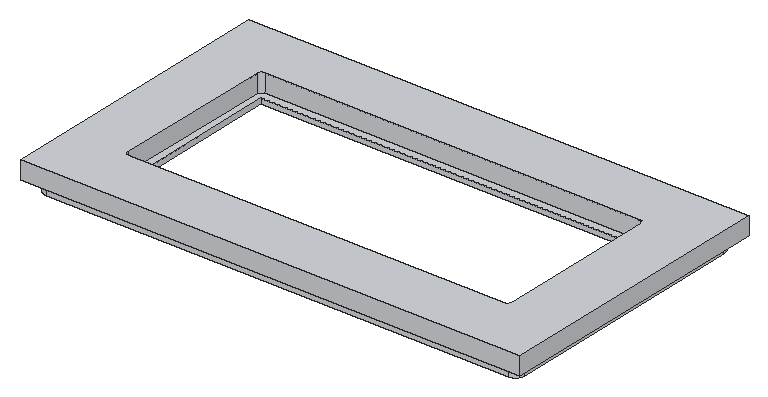
Revit family "Gira_100212", category Electrical Fixtures, host Face, Revit 2017
Family settings
  Host = Face
  Maintain Annotation Orientation = No
  Round Connector Dimension = Use Diameter
  Part Type = Normal
  Cut with Voids When Loaded = No
  Shared = No
  Room Calculation Point = No
Parameters (values of type "Abdeckrahmen 2f o.M. Gira Esprit G Weiß")
  Werkstoffgüte = "Echtglas"
  Werkstoff = "Glas"
  URL = "http://katalog.gira.de/de_DE/datenblatt.html?artikelnr=100212"
  Transparent = "No"
  Textfeld/Beschriftungsfläche = "No"
  Schutzart (IP) = "IP20"
  Region = "DE"
  Oberfläche = "sonstige"
  Name = "Abdeckrahmen 2f o.M. Gira Esprit G Weiß"
  Montagerichtung = "horizontal und vertikal"
  Mit Montagerahmen = "No"
  Mit Klappdeckel = "No"
  Manufacturer URL = "https://www.gira.de/"
  Keynote = "Espr._Rahmen_2fach o.Mittelsteg"
  HeinzeBIM = "https://bimportal.heinze.de/bim/abdeckrahmen-2f-o-m-gira-esprit-g-weiss/a6210be3be45f0b31ca09cf8b8e705361b8ed984"
  Halogenfrei = "No"
  HAN = "100212"
  Geeignet für Unterputz-Installation = "Yes"
  Geeignet für Unterflurkanaldose = "No"
  Geeignet für Geräteeinbaukanal = "No"
  Geeignet für Einbauinstallation = "No"
  GTIN = "4010337010463"
  Farbe = "weiß"
  Default Elevation = 1219.2 mm
  Data sheet (1) = "https://katalog.gira.de/de_DE/download.html?artikelnr=100212"
  Category = "Abdeckrahmen"
  Befestigungsart = "Klemmbefestigung"
  Available = "Yes"
  Anzahl der Einheiten vertikal = "2 "
  Anzahl der Einheiten horizontal = "2 "
  Anzahl der Einheiten = "2 "
Reference planes
  plane 1 "Center (Front/Back)": y = 0
  plane 2: z = 0
  plane 3 "Center (Left/Right)": x = 0
Forms (mm)
  Extrusion 1, solid, detail levels fine
    sketch origin (0, 0, 0) x (1, 0, 0) y (0, 1, 0)
      loop
        line (-83, 47.5) -> (-83, -47.5) -> (83, -47.5) -> (83, 47.5) -> (-83, 47.5)
      loop
        arc (-63.75, -26.7) -> (-63.311, -27.761) -> (-62.25, -28.2) r 1.5
        line (-62.25, -28.2) -> (62.25, -28.2)
        arc (62.25, -28.2) -> (63.311, -27.761) -> (63.75, -26.7) r 1.5
        line (63.75, -26.7) -> (63.75, 26.7)
        arc (63.75, 26.7) -> (63.311, 27.761) -> (62.25, 28.2) r 1.5
        line (62.25, 28.2) -> (-62.25, 28.2)
        arc (-62.25, 28.2) -> (-63.311, 27.761) -> (-63.75, 26.7) r 1.5
        line (-63.75, 26.7) -> (-63.75, -26.7)
    from 0 to 6
  Extrusion 2, solid, detail levels fine
    sketch origin (0, 0, 0) x (1, 0, 0) y (0, 1, 0)
      loop
        line (-61.518, -25.7) -> (61.45, -25.7) -> (61.45, 25.7) -> (-61.518, 25.7) -> (-61.518, -25.7)
      loop
        arc (-78.55, -41.3) -> (-78.023, -42.573) -> (-76.75, -43.1) r 1.8
        line (-76.75, -43.1) -> (77.95, -43.1)
        arc (77.95, -43.1) -> (79.223, -42.573) -> (79.75, -41.3) r 1.8
        line (79.75, -41.3) -> (79.75, 41.3)
        arc (79.75, 41.3) -> (79.223, 42.573) -> (77.95, 43.1) r 1.8
        line (77.95, 43.1) -> (-76.75, 43.1)
        arc (-76.75, 43.1) -> (-78.023, 42.573) -> (-78.55, 41.3) r 1.8
        line (-78.55, 41.3) -> (-78.55, -41.3)
    from -1.9 to 0
  Extrusion 3, solid, detail levels fine
    sketch origin (0, 0, 0) x (1, 0, 0) y (0, 1, 0)
      loop
        arc (-76.75, 44.4) -> (-78.871, 43.521) -> (-79.75, 41.4) r 3
        line (-79.75, 41.4) -> (-79.75, -41.4)
        arc (-79.75, -41.4) -> (-78.871, -43.521) -> (-76.75, -44.4) r 3
        line (-76.75, -44.4) -> (76.75, -44.4)
        arc (76.75, -44.4) -> (78.871, -43.521) -> (79.75, -41.4) r 3
        line (79.75, -41.4) -> (79.75, 41.4)
        arc (79.75, 41.4) -> (78.871, 43.521) -> (76.75, 44.4) r 3
        line (76.75, 44.4) -> (-76.75, 44.4)
      loop
        arc (-78.55, -41.4) -> (-78.023, -42.673) -> (-76.75, -43.2) r 1.8
        line (-76.75, -43.2) -> (76.75, -43.2)
        arc (76.75, -43.2) -> (78.023, -42.673) -> (78.55, -41.4) r 1.8
        line (78.55, -41.4) -> (78.55, 41.4)
        arc (78.55, 41.4) -> (78.023, 42.673) -> (76.75, 43.2) r 1.8
        line (76.75, 43.2) -> (-76.75, 43.2)
        arc (-76.75, 43.2) -> (-78.023, 42.673) -> (-78.55, 41.4) r 1.8
        line (-78.55, 41.4) -> (-78.55, -41.4)
    from -3.7 to 0
  Extrusion 4, solid, detail levels medium
    sketch origin (0, 0, 0) x (1, 0, 0) y (0, 1, 0)
      loop
        line (-83, 47.5) -> (-83, -47.5) -> (83, -47.5) -> (83, 47.5) -> (-83, 47.5)
    from 0 to 6
  Extrusion 5, solid, detail levels medium
    sketch origin (0, 0, 0) x (1, 0, 0) y (0, 1, 0)
      loop
        line (-79.75, 44.4) -> (-79.75, -44.4) -> (79.75, -44.4) -> (79.75, 44.4) -> (-79.75, 44.4)
    from -3.7 to 0
  Extrusion 6, solid, detail levels coarse
    sketch origin (0, 0, 0) x (1, 0, 0) y (0, 1, 0)
      loop
        line (-83, 47.5) -> (-83, -47.5) -> (83, -47.5) -> (83, 47.5) -> (-83, 47.5)
    from -3.7 to 6
Dimensions and locks
  aligned and locked: plane 2 to host face
  aligned and locked: level to host face
